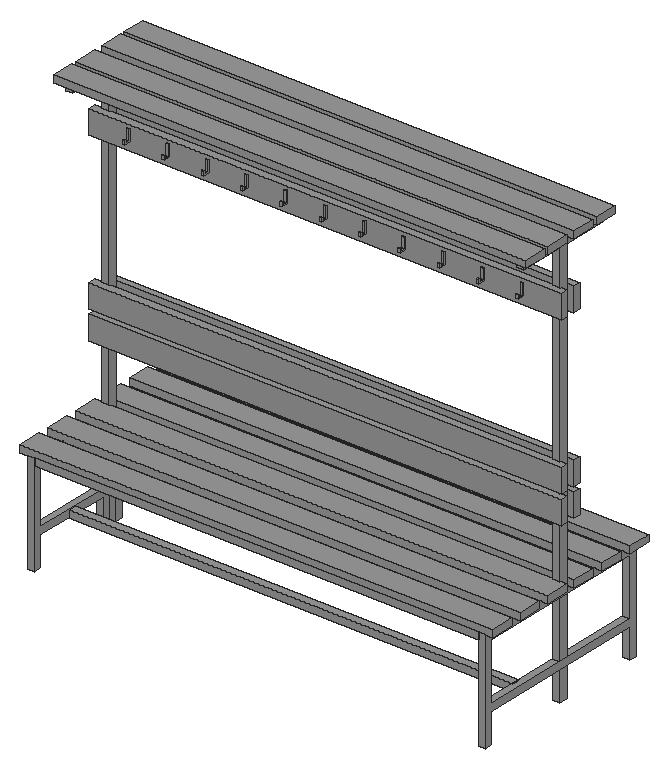
Revit family "Скамейка с вешалкой для раздевалок «Ювентус» двухсторонняя Арт 20491", category Антураж, Revit 2018
Family settings
  На основе рабочей плоскости = Нет
  Всегда вертикально = Да
  При загрузке вырезать с полостями = Нет
  Источник визуального образа = Геометрия семейства
  Общий = Нет
  Точка расчета площади = Нет
Parameters (values of type "Версия 2,0 м")
  Ширина = 825 mm  # constant formula
  Цвет лавки = Дерево
  Цвет крючков = Хром
  Цвет каркаса = Сталь
  Описание = if([Версия 1,2 м], "Скамейка с вешалкой для раздевалок «Ювентус» двухсторонняя. Версия 1,2 м", if([Версия 1,5 м], "Скамейка с вешалкой для раздевалок «Ювентус» двухсторонняя. Версия 1,5 м", "Скамейка с вешалкой для раздевалок «Ювентус» двухсторонняя. Версия 2,0 м"))  # "Скамейка с вешалкой для раздевалок «Ювентус» двухсторонняя. Версия 2,0 м"
  Материал изделия = "Сталь, дерево"  # constant formula
  Л1 = Длина / ([Кол-во крючков] + 1)  # 166.667 mm
  Кол-во крючков = if([Версия 1,2 м], 6, if([Версия 1,5 м], 8, 11))  # 11
  Изображение типоразмера = Скамейка с вешалкой для раздевалок «Ювентус» двухсторонняя Арт 20491.jpg
  Изготовитель = "ООО «Хоббика»"  # constant formula
  Длина = if([Версия 1,2 м], 1200 mm, if([Версия 1,5 м], 1500 mm, 2000 mm))  # 2000 mm
  Группа модели = "Скамейки для раздевалок"  # constant formula
  Высота = 1785 mm  # constant formula
  Версия 2,0 м = yes
  Версия 1,5 м = no
  Версия 1,2 м = no
  Артикул товара = "Арт. 20491"  # constant formula
  URL = "https://hobbyka.ru/product/skameyka_dlya_razdevalok_latsio_dvukhstoronnyaya/"
Types (4, lengths in mm): name | Описание | Л1 | Кол-во крючков | Длина | Версия 2,0 м | Версия 1,5 м | Версия 1,2 м
  (no name) | "Скамейка с вешалкой для раздевалок «Ювентус» двухсторонняя. Версия 2,0 м" | 166.667 | 11 | 2000 | yes | no | no
  Версия 1,2 м | "Скамейка с вешалкой для раздевалок «Ювентус» двухсторонняя. Версия 1,2 м" | 171.429 | 6 | 1200 | no | no | yes
  Версия 1,5 м | "Скамейка с вешалкой для раздевалок «Ювентус» двухсторонняя. Версия 1,5 м" | 166.667 | 8 | 1500 | no | yes | no
  Версия 2,0 м | "Скамейка с вешалкой для раздевалок «Ювентус» двухсторонняя. Версия 2,0 м" | 166.667 | 11 | 2000 | yes | no | no
Reference planes
  plane 1 "По центру (Вперед/Назад)": y = 0
  plane 2: z = 0
  plane 3 "По центру (Влево/Вправо)": x = 0
  plane 4: x = 2000
  plane 5: y = 825
  plane 6: z = 1785
  plane 7: x = 30
  plane 8: x = 60
  plane 9: x = 1970
  plane 10: x = 1940
Forms (mm)
  Extrusion 1, solid, material "Дерево" <- "Цвет лавки"
    sketch origin (0, 0, 0) x (0, 1, 0) y (0, 0, 1)
      loop
        line (395, 1755) -> (395, 1785) -> (295, 1785) -> (295, 1755) -> (395, 1755)
      loop
        line (275, 1755) -> (275, 1785) -> (175, 1785) -> (175, 1755) -> (275, 1755)
      loop
        line (460, 1575) -> (430, 1575) -> (430, 1475) -> (460, 1475) -> (460, 1575)
      loop
        line (460, 915) -> (430, 915) -> (430, 815) -> (460, 815) -> (460, 915)
      loop
        line (460, 795) -> (430, 795) -> (430, 695) -> (460, 695) -> (460, 795)
      loop
        line (395, 460) -> (295, 460) -> (295, 430) -> (395, 430) -> (395, 460)
      loop
        line (247.5, 460) -> (147.5, 460) -> (147.5, 430) -> (247.5, 430) -> (247.5, 460)
      loop
        line (100, 460) -> (0, 460) -> (0, 430) -> (100, 430) -> (100, 460)
      loop
        line (825, 460) -> (725, 460) -> (725, 430) -> (825, 430) -> (825, 460)
      loop
        line (677.5, 460) -> (577.5, 460) -> (577.5, 430) -> (677.5, 430) -> (677.5, 460)
      loop
        line (530, 460) -> (430, 460) -> (430, 430) -> (530, 430) -> (530, 460)
      loop
        line (395, 1575) -> (365, 1575) -> (365, 1475) -> (395, 1475) -> (395, 1575)
      loop
        line (395, 915) -> (365, 915) -> (365, 815) -> (395, 815) -> (395, 915)
      loop
        line (395, 795) -> (365, 795) -> (365, 695) -> (395, 695) -> (395, 795)
      loop
        line (430, 1755) -> (530, 1755) -> (530, 1785) -> (430, 1785) -> (430, 1755)
      loop
        line (550, 1755) -> (650, 1755) -> (650, 1785) -> (550, 1785) -> (550, 1755)
    from 0 to 2000
  Extrusion 2, solid, material "Сталь" <- "Цвет каркаса"
    sketch origin (0, -395, 0) x (0, 1, 0) y (0, 0, 1)
      loop
        line (600, 1755) -> (600, 1725) -> (790, 1725) -> (790, 0) -> (825, 0) -> (825, 1725) -> (1015, 1725) -> (1015, 1755) -> (600, 1755)
    from 30 to 60
  Extrusion 3, solid, material "Сталь" <- "Цвет каркаса"
    sketch origin (0, -395, 0) x (0, 1, 0) y (0, 0, 1)
      loop
        line (600, 1755) -> (600, 1725) -> (790, 1725) -> (790, 0) -> (825, 0) -> (825, 1725) -> (1015, 1725) -> (1015, 1755) -> (600, 1755)
    from 1940 to 1970
  Extrusion 4, solid, material "Сталь" <- "Цвет каркаса"
    sketch origin (0, 0, 0) x (0, 1, 0) y (0, 0, 1)
      loop
        line (395, 0) -> (395, 430) -> (0, 430) -> (0, 0) -> (30, 0) -> (30, 125) -> (365, 125) -> (365, 0) -> (395, 0)
      loop
        line (365, 400) -> (30, 400) -> (30, 155) -> (365, 155) -> (365, 400)
      loop
        line (825, 0) -> (825, 430) -> (430, 430) -> (430, 0) -> (460, 0) -> (460, 125) -> (795, 125) -> (795, 0) -> (825, 0)
      loop
        line (795, 400) -> (460, 400) -> (460, 155) -> (795, 155) -> (795, 400)
    from 30 to 60
  Extrusion 5, solid, material "Сталь" <- "Цвет каркаса"
    sketch origin (0, 0, 0) x (0, 1, 0) y (0, 0, 1)
      loop
        line (795, 0) -> (795, 430) -> (0, 430) -> (0, 0) -> (30, 0) -> (30, 125) -> (765, 125) -> (765, 0) -> (795, 0)
      loop
        line (765, 400) -> (30, 400) -> (30, 155) -> (765, 155) -> (765, 400)
    from 1940 to 1970
  Extrusion 6, solid, material "Сталь" <- "Цвет каркаса"
    sketch origin (0, 0, 0) x (0, 1, 0) y (0, 0, 1)
      loop
        line (212.5, 155) -> (182.5, 155) -> (182.5, 125) -> (212.5, 125) -> (212.5, 155)
      loop
        line (0, 430) -> (0, 400) -> (30, 400) -> (30, 430) -> (0, 430)
      loop
        line (795, 430) -> (765, 430) -> (765, 400) -> (795, 400) -> (795, 430)
    from 60 to 1940
Dimensions and locks
  "Ширина": plane 5 to plane 1 "По центру (Вперед/Назад)"
  "Длина": plane 3 "По центру (Влево/Вправо)" to plane 4
  "Высота": plane 6 to level
  plane 3 "По центру (Влево/Вправо)" to plane 7 to plane 8 = 30 mm locked, 30 mm locked
  plane 10 to plane 9 to plane 4 = 30 mm locked, 30 mm locked
  Extrusion 1 to nested 1 to Extrusion 1 = 50 mm, 50 mm
  "Л1": nested 1 to plane 3 "По центру (Влево/Вправо)"
  equal spacing: group 1, group 2, group 3, group 4, group 5, group 6, group 13, group 14, group 17, group 18, group 19  (x3)
  equal spacing: group 7, group 8, group 9, group 10, group 11, group 12, group 15, group 16, group 20, group 21, group 22  (x3)
  "Л1": nested 7 to nested 2
  aligned and locked: level to plane 2
  aligned and locked: plane 4 to Extrusion 1
  aligned and locked: Extrusion 1 to plane 3 "По центру (Влево/Вправо)"
  aligned and locked: Extrusion 2 to plane 7
  aligned and locked: plane 8 to Extrusion 2
  aligned and locked: plane 9 to Extrusion 3
  aligned and locked: Extrusion 3 to plane 10
  aligned and locked: Extrusion 4 to Extrusion 2  (x2)
  aligned and locked: plane 9 to Extrusion 5
  aligned and locked: Extrusion 5 to plane 10
  aligned and locked: plane 10 to Extrusion 6
  aligned and locked: Extrusion 6 to Extrusion 2
  aligned and locked: nested 1 to nested 7
  aligned and locked: nested 2 to nested 8
Automatic sketch dimensions
  Extrusion 3 sketch curve to level = 0 mm
  Extrusion 3 sketch curve to plane 5 = 205 mm
  Extrusion 3 sketch curve to plane 6 = 60 mm
  Extrusion 3 sketch curve to Extrusion 3 sketch curve = 190 mm  (x2)
  Extrusion 3 sketch curve to plane 6 = 30 mm
  Extrusion 5 sketch curve to level = 0 mm  (x2)
  Extrusion 5 sketch curve to plane 1 "По центру (Вперед/Назад)" = 0 mm
  Extrusion 5 sketch curve to plane 1 "По центру (Вперед/Назад)" = 30 mm  (x2)
  Extrusion 5 sketch curve to plane 5 = 60 mm  (x2)
  Extrusion 5 sketch curve to Extrusion 5 sketch curve = 30 mm  (x3)
  level to Extrusion 5 sketch curve = 125 mm
  Extrusion 5 sketch curve to Extrusion 5 sketch curve = 245 mm
  Extrusion 6 sketch curve to plane 1 "По центру (Вперед/Назад)" = 0 mm
  Extrusion 6 sketch curve to plane 1 "По центру (Вперед/Назад)" = 30 mm
  Extrusion 6 sketch curve to plane 1 "По центру (Вперед/Назад)" = 182.5 mm
  Extrusion 6 sketch curve to Extrusion 6 sketch curve = 30 mm  (x5)
  Extrusion 6 sketch curve to plane 5 = 60 mm
  level to Extrusion 6 sketch curve = 125 mm
  Extrusion 6 sketch curve to Extrusion 6 sketch curve = 245 mm  (x2)
  Extrusion 4 sketch curve to level = 0 mm  (x4)
  Extrusion 4 sketch curve to plane 1 "По центру (Вперед/Назад)" = 0 mm
  Extrusion 4 sketch curve to plane 5 = 0 mm
  Extrusion 4 sketch curve to plane 1 "По центру (Вперед/Назад)" = 30 mm  (x2)
  level to Extrusion 4 sketch curve = 125 mm
  Extrusion 4 sketch curve to Extrusion 4 sketch curve = 335 mm
  Extrusion 4 sketch curve to Extrusion 4 sketch curve = 0 mm  (x4)
  Extrusion 4 sketch curve to Extrusion 4 sketch curve = 30 mm  (x5)
  Extrusion 4 sketch curve to Extrusion 4 sketch curve = 35 mm
  Extrusion 4 sketch curve to Extrusion 4 sketch curve = 95 mm
  Extrusion 4 sketch curve to plane 5 = 30 mm
  Extrusion 4 sketch curve to Extrusion 4 sketch curve = 245 mm  (x2)
  Extrusion 1 sketch curve to plane 1 "По центру (Вперед/Назад)" = 0 mm
  Extrusion 1 sketch curve to plane 6 = 0 mm  (x4)
  Extrusion 1 sketch curve to plane 5 = 0 mm
  Extrusion 1 sketch curve to plane 1 "По центру (Вперед/Назад)" = 100 mm
  Extrusion 1 sketch curve to Extrusion 1 sketch curve = 47.5 mm  (x4)
  Extrusion 1 sketch curve to plane 6 = 30 mm  (x4)
  Extrusion 1 sketch curve to plane 1 "По центру (Вперед/Назад)" = 175 mm
  Extrusion 1 sketch curve to Extrusion 1 sketch curve = 100 mm  (x11)
  Extrusion 1 sketch curve to Extrusion 1 sketch curve = 20 mm  (x4)
  Extrusion 1 sketch curve to Extrusion 1 sketch curve = 70 mm  (x2)
  Extrusion 1 sketch curve to Extrusion 1 sketch curve = 0 mm  (x12)
  Extrusion 1 sketch curve to Extrusion 1 sketch curve = 30 mm  (x11)
  Extrusion 1 sketch curve to Extrusion 1 sketch curve = 35 mm  (x4)
  Extrusion 1 sketch curve to Extrusion 1 sketch curve = 180 mm
  Extrusion 1 sketch curve to Extrusion 1 sketch curve = 560 mm
  Extrusion 1 sketch curve to Extrusion 1 sketch curve = 235 mm  (x2)
  Extrusion 2 sketch curve to level = 0 mm
  Extrusion 2 sketch curve to plane 6 = 30 mm
  Extrusion 2 sketch curve to plane 1 "По центру (Вперед/Назад)" = 205 mm
  Extrusion 2 sketch curve to plane 6 = 60 mm
  Extrusion 2 sketch curve to Extrusion 2 sketch curve = 190 mm  (x2)
  Extrusion 2 sketch curve to Extrusion 2 sketch curve = 30 mm
  Extrusion 2 sketch curve to Extrusion 2 sketch curve = 35 mm
  Extrusion 3 sketch curve to Extrusion 3 sketch curve = 30 mm
  Extrusion 3 sketch curve to Extrusion 3 sketch curve = 35 mm
Nested families
  nested 1: "Крючек для ювентуса" at (166.667, 365, 1510), type "Крючек для ювентуса"
  nested 2: "Крючек для ювентуса" at (333.333, 365, 1510), type "Крючек для ювентуса"
  nested 3: "Крючек для ювентуса" at (500, 365, 1510), type "Крючек для ювентуса"
  nested 4: "Крючек для ювентуса" at (666.667, 365, 1510), type "Крючек для ювентуса"
  nested 5: "Крючек для ювентуса" at (833.333, 365, 1510), type "Крючек для ювентуса"
  nested 6: "Крючек для ювентуса" at (1000, 365, 1510), type "Крючек для ювентуса"
  nested 7: "Крючек для ювентуса" at (166.667, 460, 1510), type "Крючек для ювентуса"
  nested 8: "Крючек для ювентуса" at (333.333, 460, 1510), type "Крючек для ювентуса"
  nested 9: "Крючек для ювентуса" at (500, 460, 1510), type "Крючек для ювентуса"
  nested 10: "Крючек для ювентуса" at (666.667, 460, 1510), type "Крючек для ювентуса"
  nested 11: "Крючек для ювентуса" at (833.333, 460, 1510), type "Крючек для ювентуса"
  nested 12: "Крючек для ювентуса" at (1000, 460, 1510), type "Крючек для ювентуса"
  nested 13: "Крючек для ювентуса" at (1166.667, 365, 1510), type "Крючек для ювентуса"
  nested 14: "Крючек для ювентуса" at (1333.333, 365, 1510), type "Крючек для ювентуса"
  nested 15: "Крючек для ювентуса" at (1166.667, 460, 1510), type "Крючек для ювентуса"
  nested 16: "Крючек для ювентуса" at (1333.333, 460, 1510), type "Крючек для ювентуса"
  nested 17: "Крючек для ювентуса" at (1500, 365, 1510), type "Крючек для ювентуса"
  nested 18: "Крючек для ювентуса" at (1666.667, 365, 1510), type "Крючек для ювентуса"
  nested 19: "Крючек для ювентуса" at (1833.333, 365, 1510), type "Крючек для ювентуса"
  nested 20: "Крючек для ювентуса" at (1500, 460, 1510), type "Крючек для ювентуса"
  nested 21: "Крючек для ювентуса" at (1666.667, 460, 1510), type "Крючек для ювентуса"
  nested 22: "Крючек для ювентуса" at (1833.333, 460, 1510), type "Крючек для ювентуса"
Definition of nested family "Крючек для ювентуса"
  Parameters (values of type "Крючек для ювентуса")
    Цвет = none
    Height = 0 mm
  Reference planes
    plane 1 "По центру (Вперед/Назад)": y = 0
    plane 2: z = 0
    plane 3 "По центру (Влево/Вправо)": x = 0
  Forms (mm)
    Extrusion 1, solid, material <- "Цвет"
      sketch origin (0, 0, 0) x (0, 1, 0) y (0, 0, 1)
        loop
          line (0, 0) -> (0, 50) -> (-3, 50) -> (-3, 3) -> (-22, 3) -> (-22, 15) -> (-25, 15) -> (-25, 0) -> (0, 0)
      from -5 to 5
  Dimensions and locks
    aligned and locked: level to plane 2
